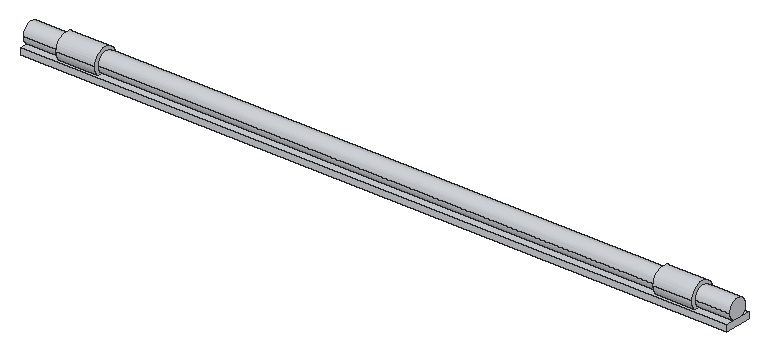
Revit family "GIS_MVBusModule", category Modelos genéricos, Revit 2027
Family settings
  Pode hospedar o vergalhão = Não
  Cota do conector redondo = Utilizar diâmetro
  Tipo de parte = Normal
  Com base no plano de trabalho = Não
  Sempre na vertical = Sim
  Corte com vazios quando carregada = Não
  Manter orientação da anotação = Não
  Compartilhado = Não
  Ponto de cálculo do ambiente = Não
Parameters (values of type "MV_BUS_17K5_STUDY")
  Elevação padrão = 0 mm
  BIM_TensaoSecundaria_kV = 0
  BIM_TensaoNominal_kV = 13.8
  BIM_TensaoClasse_kV = 17.5
  BIM_TensaoClasseSecundaria_kV = 0
  BIM_Sistema_Elemento [instance] = ""
  BIM_ReferenciaCatalogo = "Portfolio estimate; 2,000 A candidate based on switchgear family, final bus rating pending"
  BIM_Profundidade = 220 mm
  BIM_Potencia_MVA = 0
  BIM_Localizacao [instance] = ""
  BIM_Largura = 5800 mm
  BIM_Impedancia_pu = 0
  BIM_FonteGeometria = "Portfolio estimate; 2,000 A candidate based on switchgear family, final bus rating pending"
  BIM_Fabricante = "NAO SELECIONADO"
  BIM_EstadoGeometria = "ESTIMATED"
  BIM_EstadoEspecificacao = "PREMISSA / NAO SELECIONADO"
  BIM_DescricaoEstudo = "Modulo visual de barra 13,8 kV; 2,000 A candidato, rating termico e dinamico pendentes."
  BIM_CorrenteReferenciaSecundaria_A = 0
  BIM_CorrenteNominal_A = 2000
  BIM_Bay [instance] = ""
  BIM_AlturaCorpoPrincipal = 48.4 mm
  BIM_Altura = 220 mm
Reference planes
  plane 1 "Centro (Frente/Trás)": y = 0
  plane 2: z = 0
  plane 3 "Centro (Esquerda/Direita)": x = 0
  plane 4 "BIM Left": x = -2900
  plane 5 "BIM Right": x = 2900
  plane 6 "BIM Front": y = -110
  plane 7 "BIM Back": y = 110
Forms (mm)
  Extrusion 1, solid
    sketch origin (0, 0, 0) x (1, 0, 0) y (0, 1, 0)
      loop
        line (-2900, -110) -> (2900, -110) -> (2900, 110) -> (-2900, 110) -> (-2900, -110)
    from 0 to 48.4 <- "BIM_AlturaCorpoPrincipal"
  Extrusion 2, solid
    sketch origin (-2900, 0, 118.8) x (0, 1, 0) y (0, 0, 1)
      loop
        circle (0, 0) r 79.2
    from 0 to 5800
  Extrusion 3, solid
    sketch origin (-2610, 0, 118.8) x (0, 1, 0) y (0, 0, 1)
      loop
        circle (0, 0) r 104.544
      loop
        circle (0, 0) r 65.736
    from 0 to 319
  Extrusion 4, solid
    sketch origin (2291, 0, 118.8) x (0, 1, 0) y (0, 0, 1)
      loop
        circle (0, 0) r 104.544
      loop
        circle (0, 0) r 65.736
    from 0 to 319
Dimensions and locks
  "BIM_Largura": plane 4 "BIM Left" to plane 5 "BIM Right"
  "BIM_Profundidade": plane 6 "BIM Front" to plane 7 "BIM Back"
  aligned and locked: level to plane 2
  aligned and locked: plane 4 "BIM Left" to Extrusion 1
  aligned and locked: Extrusion 1 to plane 5 "BIM Right"
  aligned and locked: Extrusion 1 to plane 6 "BIM Front"
  aligned and locked: plane 7 "BIM Back" to Extrusion 1
Automatic sketch dimensions
  Extrusion 1 sketch curve to plane 4 "BIM Left" = 0 mm
  Extrusion 1 sketch curve to plane 5 "BIM Right" = 0 mm
  Extrusion 1 sketch curve to plane 6 "BIM Front" = 0 mm
  Extrusion 1 sketch curve to plane 7 "BIM Back" = 0 mm
  Extrusion 2 sketch curve to Extrusion 2 sketch curve = 0 mm  (x2)
  Extrusion 2 sketch curve to plane 1 "Centro (Frente/Trás)" = 0 mm
  level to Extrusion 2 sketch curve = 118.8 mm
  plane 6 "BIM Front" to Extrusion 2 sketch curve = 30.8 mm
  Extrusion 3 sketch curve to Extrusion 3 sketch curve = 0 mm  (x12)
  Extrusion 3 sketch curve to plane 1 "Centro (Frente/Trás)" = 0 mm
  level to Extrusion 3 sketch curve = 118.8 mm
  plane 6 "BIM Front" to Extrusion 3 sketch curve = 44.264 mm
  plane 6 "BIM Front" to Extrusion 3 sketch curve = 5.456 mm
  Extrusion 4 sketch curve to Extrusion 4 sketch curve = 0 mm  (x12)
  Extrusion 4 sketch curve to plane 1 "Centro (Frente/Trás)" = 0 mm
  level to Extrusion 4 sketch curve = 118.8 mm
  plane 6 "BIM Front" to Extrusion 4 sketch curve = 44.264 mm
  plane 6 "BIM Front" to Extrusion 4 sketch curve = 5.456 mm
